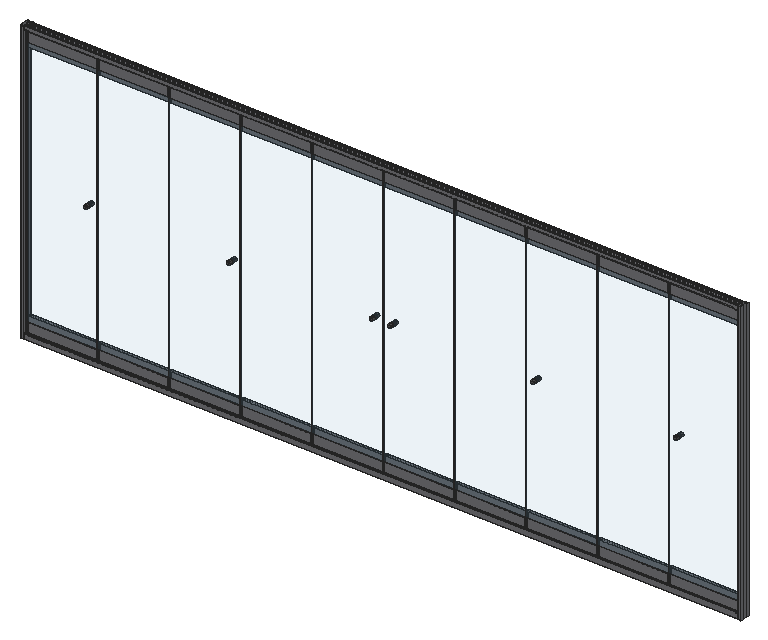
Revit family "QFL10 2380", category Doors, host Wall, Revit 2024 (continued)
Automatic sketch dimensions
  Extrusion 1 sketch curve to Extrusion 1 sketch curve = 3 mm
  Extrusion 1 sketch curve to Extrusion 1 sketch curve = 0.4 mm  (x7)
  Extrusion 1 sketch curve to Extrusion 1 sketch curve = 1.4 mm  (x3)
  Extrusion 1 sketch curve to Extrusion 1 sketch curve = 19.4 mm
  Extrusion 1 sketch curve to host wall = 3.3 mm
  Extrusion 1 sketch curve to Extrusion 1 sketch curve = 0 mm  (x3)
  Extrusion 1 sketch curve to Extrusion 1 sketch curve = 1 mm  (x13)
  Extrusion 1 sketch curve to Extrusion 1 sketch curve = 0.8 mm  (x3)
  Extrusion 1 sketch curve to Extrusion 1 sketch curve = 1.3 mm  (x4)
  Extrusion 1 sketch curve to Extrusion 1 sketch curve = 21.9 mm
  Extrusion 1 sketch curve to Extrusion 1 sketch curve = 1.5 mm  (x13)
  Extrusion 1 sketch curve to Extrusion 1 sketch curve = 1.8 mm  (x6)
  Extrusion 1 sketch curve to Extrusion 1 sketch curve = 4 mm  (x2)
  Extrusion 1 sketch curve to Extrusion 1 sketch curve = 1.15 mm  (x5)
  Extrusion 1 sketch curve to Extrusion 1 sketch curve = 1.6 mm  (x10)
  Extrusion 1 sketch curve to Extrusion 1 sketch curve = 4.5 mm  (x3)
  host wall to Extrusion 1 sketch curve = 14.4 mm
  plane 4 "Right" to Extrusion 1 sketch curve = 45 mm
  Extrusion 1 sketch curve to Extrusion 1 sketch curve = 1.65 mm
  Extrusion 1 sketch curve to Extrusion 1 sketch curve = 30 mm
  Extrusion 1 sketch curve to host wall = 1.2 mm  (x2)
  plane 4 "Right" to Extrusion 1 sketch curve = 6.3 mm
  plane 4 "Right" to Extrusion 1 sketch curve = 2 mm  (x2)
  plane 4 "Right" to Extrusion 1 sketch curve = 1.5 mm  (x2)
  host wall to Extrusion 1 sketch curve = 22 mm  (x2)
  Extrusion 1 sketch curve to Extrusion 1 sketch curve = 2.5 mm  (x4)
  Extrusion 1 sketch curve to Extrusion 1 sketch curve = 9.2 mm  (x2)
  Extrusion 1 sketch curve to Extrusion 1 sketch curve = 20.6 mm
  Extrusion 1 sketch curve to Extrusion 1 sketch curve = 2 mm  (x4)
  host wall to Extrusion 1 sketch curve = 14.9 mm
  host wall to Extrusion 1 sketch curve = 6.5 mm  (x2)
  Extrusion 1 sketch curve to Extrusion 1 sketch curve = 0.6 mm  (x4)
  Extrusion 1 sketch curve to host wall = 22 mm  (x2)
  Extrusion 1 sketch curve to Extrusion 1 sketch curve = 4.6 mm  (x2)
  Extrusion 1 sketch curve to Extrusion 1 sketch curve = 1.1 mm
  Extrusion 2 sketch curve to Extrusion 2 sketch curve = 0 mm  (x12)
  Extrusion 2 sketch curve to level = 0 mm  (x4)
  plane 5 to Extrusion 2 sketch curve = 0 mm  (x3)
  Extrusion 2 sketch curve to host wall = 37.5 mm  (x2)
  plane 5 to Extrusion 2 sketch curve = 29 mm
  Extrusion 2 sketch curve to Extrusion 2 sketch curve = 0.95 mm
  Extrusion 2 sketch curve to Extrusion 2 sketch curve = 1 mm  (x12)
  Extrusion 2 sketch curve to Extrusion 2 sketch curve = 0.65 mm
  Extrusion 2 sketch curve to Extrusion 2 sketch curve = 0.35 mm  (x2)
  Extrusion 2 sketch curve to Extrusion 2 sketch curve = 1.05 mm
  Extrusion 2 sketch curve to Extrusion 2 sketch curve = 2 mm  (x9)
  Extrusion 2 sketch curve to Extrusion 2 sketch curve = 0.5 mm  (x13)
  Extrusion 2 sketch curve to Extrusion 2 sketch curve = 1.6 mm  (x9)
  Extrusion 2 sketch curve to Extrusion 2 sketch curve = 1.5 mm  (x8)
  Extrusion 2 sketch curve to Extrusion 2 sketch curve = 4.5 mm  (x3)
  Extrusion 2 sketch curve to Extrusion 2 sketch curve = 8.1 mm  (x2)
  Extrusion 2 sketch curve to Extrusion 2 sketch curve = 0.9 mm
  Extrusion 2 sketch curve to Extrusion 2 sketch curve = 0.6 mm
  Extrusion 2 sketch curve to Extrusion 2 sketch curve = 2.5 mm  (x3)
  level to Extrusion 2 sketch curve = 2 mm  (x3)
  Extrusion 2 sketch curve to host wall = 13.5 mm
  Extrusion 2 sketch curve to host wall = 9.95 mm
  Extrusion 2 sketch curve to host wall = 6.85 mm
  Extrusion 2 sketch curve to host wall = 0.674 mm
  Extrusion 2 sketch curve to host wall = 0.5 mm
  host wall to Extrusion 2 sketch curve = 1.5 mm
  Extrusion 2 sketch curve to Extrusion 2 sketch curve = 6 mm
  host wall to Extrusion 2 sketch curve = 10.5 mm  (x2)
  Extrusion 2 sketch curve to Extrusion 2 sketch curve = 0.002 mm
  Extrusion 2 sketch curve to Extrusion 2 sketch curve = 0.499 mm
  Extrusion 2 sketch curve to Extrusion 2 sketch curve = 0.998 mm
  Extrusion 2 sketch curve to Extrusion 2 sketch curve = 1.3 mm
  Extrusion 2 sketch curve to Extrusion 2 sketch curve = 0.717 mm
  Extrusion 2 sketch curve to Extrusion 2 sketch curve = 0.707 mm  (x4)
  Extrusion 2 sketch curve to Extrusion 2 sketch curve = 4.968 mm  (x2)
  plane 5 to Extrusion 2 sketch curve = 1.5 mm
  host wall to Extrusion 2 sketch curve = 22 mm
  Extrusion 2 sketch curve to Extrusion 2 sketch curve = 0.4 mm  (x2)
  Extrusion 2 sketch curve to Extrusion 2 sketch curve = 3.617 mm
  Extrusion 2 sketch curve to Extrusion 2 sketch curve = 1.4 mm
  Extrusion 2 sketch curve to Extrusion 2 sketch curve = 23 mm
  Extrusion 2 sketch curve to Extrusion 2 sketch curve = 20.6 mm
  Extrusion 2 sketch curve to Extrusion 2 sketch curve = 3.301 mm
  Extrusion 2 sketch curve to Extrusion 2 sketch curve = 2.2 mm  (x2)
  level to Extrusion 2 sketch curve = 8.4 mm
  Extrusion 2 sketch curve to Extrusion 2 sketch curve = 4.1 mm
  Extrusion 2 sketch curve to Extrusion 2 sketch curve = 0.629 mm
  Extrusion 2 sketch curve to Extrusion 2 sketch curve = 0.057 mm
  Extrusion 2 sketch curve to Extrusion 2 sketch curve = 2.504 mm
  Extrusion 2 sketch curve to Extrusion 2 sketch curve = 14 mm
  Extrusion 2 sketch curve to Extrusion 2 sketch curve = 1.65 mm
  Extrusion 2 sketch curve to Extrusion 2 sketch curve = 9 mm
  Extrusion 2 sketch curve to Extrusion 2 sketch curve = 1.151 mm
  Extrusion 2 sketch curve to Extrusion 2 sketch curve = 43.5 mm
  Extrusion 2 sketch curve to Extrusion 2 sketch curve = 1.15 mm  (x2)
  Extrusion 2 sketch curve to Extrusion 2 sketch curve = 4 mm
  Extrusion 2 sketch curve to Extrusion 2 sketch curve = 10.3 mm
  Extrusion 2 sketch curve to Extrusion 2 sketch curve = 5.8 mm
  plane 5 to Extrusion 2 sketch curve = 2 mm
  Extrusion 3 sketch curve to host wall = 33.496 mm  (x2)
  Extrusion 3 sketch curve to Extrusion 3 sketch curve = 1.79 mm  (x4)
  Extrusion 3 sketch curve to Extrusion 3 sketch curve = 0 mm
  Extrusion 3 sketch curve to Extrusion 3 sketch curve = 0.01 mm
  Extrusion 3 sketch curve to Extrusion 3 sketch curve = 1.8 mm  (x6)
  Extrusion 3 sketch curve to Extrusion 3 sketch curve = 0.51 mm  (x2)
  Extrusion 3 sketch curve to Extrusion 3 sketch curve = 3.11 mm  (x2)
  Extrusion 3 sketch curve to Extrusion 3 sketch curve = 8.21 mm  (x2)
  Extrusion 3 sketch curve to Extrusion 3 sketch curve = 1.028 mm  (x2)
  host wall to Extrusion 3 sketch curve = 0.504 mm  (x2)
  host wall to Extrusion 3 sketch curve = 2.504 mm  (x2)
  host wall to Extrusion 3 sketch curve = 5.604 mm  (x2)
  host wall to Extrusion 3 sketch curve = 8.2 mm  (x2)
  Extrusion 3 sketch curve to Extrusion 3 sketch curve = 3.1 mm  (x2)
  Extrusion 3 sketch curve to Extrusion 3 sketch curve = 0.514 mm
  Extrusion 3 sketch curve to Extrusion 3 sketch curve = 6.21 mm
  Extrusion 3 sketch curve to Extrusion 3 sketch curve = 0.05 mm
  Extrusion 3 sketch curve to Extrusion 3 sketch curve = 0.554 mm
  level to Extrusion 3 sketch curve = 31 mm  (x2)
  Extrusion 3 sketch curve to Extrusion 3 sketch curve = 2 mm  (x6)
  Extrusion 3 sketch curve to Extrusion 3 sketch curve = 1.6 mm  (x4)
  Extrusion 3 sketch curve to Extrusion 3 sketch curve = 12.367 mm  (x2)
  Extrusion 3 sketch curve to Extrusion 3 sketch curve = 12.517 mm  (x2)
  Extrusion 3 sketch curve to Extrusion 3 sketch curve = 1.048 mm  (x2)
  Extrusion 3 sketch curve to Extrusion 3 sketch curve = 0.963 mm  (x2)
  Extrusion 3 sketch curve to Extrusion 3 sketch curve = 2.92 mm  (x2)
  Extrusion 3 sketch curve to Extrusion 3 sketch curve = 66.2 mm
  Extrusion 3 sketch curve to Extrusion 3 sketch curve = 33.962 mm
  Extrusion 3 sketch curve to Extrusion 3 sketch curve = 1.038 mm  (x2)
  Extrusion 3 sketch curve to Extrusion 3 sketch curve = 9.238 mm
  plane 5 to Extrusion 3 sketch curve = 174 mm
  Extrusion 3 sketch curve to Extrusion 3 sketch curve = 8.2 mm
  Extrusion 3 sketch curve to Extrusion 3 sketch curve = 43.2 mm
  plane 5 to Extrusion 3 sketch curve = 60.8 mm
  Extrusion 3 sketch curve to Extrusion 3 sketch curve = 2.985 mm
  Extrusion 4 sketch curve to host wall = 33.496 mm  (x2)
  Extrusion 4 sketch curve to Extrusion 4 sketch curve = 4.9 mm  (x3)
  Extrusion 4 sketch curve to Extrusion 4 sketch curve = 10 mm  (x4)
  host wall to Extrusion 4 sketch curve = 2.504 mm  (x2)
  host wall to Extrusion 4 sketch curve = 5.604 mm  (x2)
  Extrusion 4 sketch curve to Extrusion 4 sketch curve = 8 mm
  plane 5 to Extrusion 4 sketch curve = 39 mm
  Extrusion 4 sketch curve to Extrusion 4 sketch curve = 0 mm
  Extrusion 4 sketch curve to Extrusion 4 sketch curve = 20 mm  (x3)
  Extrusion 4 sketch curve to Extrusion 4 sketch curve = 70 mm
  Extrusion 4 sketch curve to Extrusion 4 sketch curve = 35 mm
  level to Extrusion 4 sketch curve = 166 mm
  Extrusion 4 sketch curve to Extrusion 4 sketch curve = 45 mm
  level to Extrusion 4 sketch curve = 51 mm
  Extrusion 5 sketch curve to host wall = 33.496 mm  (x2)
  Extrusion 5 sketch curve to Extrusion 5 sketch curve = 4.9 mm  (x3)
  Extrusion 5 sketch curve to Extrusion 5 sketch curve = 10 mm  (x4)
  host wall to Extrusion 5 sketch curve = 2.504 mm  (x2)
  host wall to Extrusion 5 sketch curve = 5.604 mm  (x2)
  Extrusion 5 sketch curve to Extrusion 5 sketch curve = 8 mm
  level to Extrusion 5 sketch curve = 31 mm  (x2)
  Extrusion 5 sketch curve to Extrusion 5 sketch curve = 20 mm  (x3)
  Extrusion 5 sketch curve to Extrusion 5 sketch curve = 70 mm
  Extrusion 5 sketch curve to Extrusion 5 sketch curve = 35 mm
  plane 5 to Extrusion 5 sketch curve = 174 mm
  Extrusion 5 sketch curve to Extrusion 5 sketch curve = 45 mm
  plane 5 to Extrusion 5 sketch curve = 59 mm
  Extrusion 6 sketch curve to host wall = 33.496 mm  (x2)
  Extrusion 6 sketch curve to Extrusion 6 sketch curve = 1.79 mm  (x4)
  Extrusion 6 sketch curve to Extrusion 6 sketch curve = 0 mm
  Extrusion 6 sketch curve to Extrusion 6 sketch curve = 0.01 mm
  Extrusion 6 sketch curve to Extrusion 6 sketch curve = 1.8 mm  (x6)
  Extrusion 6 sketch curve to Extrusion 6 sketch curve = 0.51 mm  (x2)
  Extrusion 6 sketch curve to Extrusion 6 sketch curve = 3.11 mm  (x2)
  Extrusion 6 sketch curve to Extrusion 6 sketch curve = 8.21 mm  (x2)
  Extrusion 6 sketch curve to Extrusion 6 sketch curve = 1.028 mm  (x2)
  host wall to Extrusion 6 sketch curve = 0.504 mm  (x2)
  host wall to Extrusion 6 sketch curve = 2.504 mm  (x2)
  host wall to Extrusion 6 sketch curve = 5.604 mm  (x2)
  host wall to Extrusion 6 sketch curve = 8.2 mm  (x2)
  Extrusion 6 sketch curve to Extrusion 6 sketch curve = 3.1 mm  (x2)
  Extrusion 6 sketch curve to Extrusion 6 sketch curve = 0.514 mm
  Extrusion 6 sketch curve to Extrusion 6 sketch curve = 6.21 mm
  Extrusion 6 sketch curve to Extrusion 6 sketch curve = 0.05 mm
  Extrusion 6 sketch curve to Extrusion 6 sketch curve = 0.554 mm
  level to Extrusion 6 sketch curve = 31 mm  (x2)
  Extrusion 6 sketch curve to Extrusion 6 sketch curve = 2 mm  (x6)
  Extrusion 6 sketch curve to Extrusion 6 sketch curve = 1.6 mm  (x4)
  Extrusion 6 sketch curve to Extrusion 6 sketch curve = 12.367 mm  (x2)
  Extrusion 6 sketch curve to Extrusion 6 sketch curve = 12.517 mm  (x2)
  Extrusion 6 sketch curve to Extrusion 6 sketch curve = 1.048 mm  (x2)
  Extrusion 6 sketch curve to Extrusion 6 sketch curve = 0.963 mm  (x2)
  Extrusion 6 sketch curve to Extrusion 6 sketch curve = 2.92 mm  (x2)
  Extrusion 6 sketch curve to Extrusion 6 sketch curve = 66.2 mm
  Extrusion 6 sketch curve to Extrusion 6 sketch curve = 33.962 mm
  Extrusion 6 sketch curve to Extrusion 6 sketch curve = 1.038 mm  (x2)
  Extrusion 6 sketch curve to Extrusion 6 sketch curve = 9.238 mm
  plane 5 to Extrusion 6 sketch curve = 174 mm
  Extrusion 6 sketch curve to Extrusion 6 sketch curve = 8.2 mm
  Extrusion 6 sketch curve to Extrusion 6 sketch curve = 43.2 mm
  plane 5 to Extrusion 6 sketch curve = 60.8 mm
  Extrusion 6 sketch curve to Extrusion 6 sketch curve = 2.985 mm
  Extrusion 7 sketch curve to host wall = 33.496 mm  (x2)
  Extrusion 7 sketch curve to Extrusion 7 sketch curve = 4.9 mm  (x3)
  Extrusion 7 sketch curve to Extrusion 7 sketch curve = 10 mm  (x4)
  host wall to Extrusion 7 sketch curve = 2.504 mm  (x2)
  host wall to Extrusion 7 sketch curve = 5.604 mm  (x2)
  Extrusion 7 sketch curve to Extrusion 7 sketch curve = 8 mm
  plane 5 to Extrusion 7 sketch curve = 39 mm
  Extrusion 7 sketch curve to Extrusion 7 sketch curve = 0 mm
  Extrusion 7 sketch curve to Extrusion 7 sketch curve = 20 mm  (x3)
  Extrusion 7 sketch curve to Extrusion 7 sketch curve = 70 mm
  Extrusion 7 sketch curve to Extrusion 7 sketch curve = 35 mm
  level to Extrusion 7 sketch curve = 166 mm
  Extrusion 7 sketch curve to Extrusion 7 sketch curve = 45 mm
  level to Extrusion 7 sketch curve = 51 mm
  Extrusion 8 sketch curve to host wall = 33.496 mm  (x2)
  Extrusion 8 sketch curve to Extrusion 8 sketch curve = 4.9 mm  (x3)
  Extrusion 8 sketch curve to Extrusion 8 sketch curve = 10 mm  (x4)
  host wall to Extrusion 8 sketch curve = 2.504 mm  (x2)
  host wall to Extrusion 8 sketch curve = 5.604 mm  (x2)
  Extrusion 8 sketch curve to Extrusion 8 sketch curve = 8 mm
  level to Extrusion 8 sketch curve = 31 mm  (x2)
  Extrusion 8 sketch curve to Extrusion 8 sketch curve = 20 mm  (x3)
  Extrusion 8 sketch curve to Extrusion 8 sketch curve = 70 mm
  Extrusion 8 sketch curve to Extrusion 8 sketch curve = 35 mm
  plane 5 to Extrusion 8 sketch curve = 174 mm
  Extrusion 8 sketch curve to Extrusion 8 sketch curve = 45 mm
  plane 5 to Extrusion 8 sketch curve = 59 mm
  Extrusion 9 sketch curve to host wall = 33.496 mm  (x2)
  Extrusion 9 sketch curve to Extrusion 9 sketch curve = 1.79 mm  (x4)
  Extrusion 9 sketch curve to Extrusion 9 sketch curve = 0 mm
  Extrusion 9 sketch curve to Extrusion 9 sketch curve = 0.01 mm
  Extrusion 9 sketch curve to Extrusion 9 sketch curve = 1.8 mm  (x6)
  Extrusion 9 sketch curve to Extrusion 9 sketch curve = 0.51 mm  (x2)
  Extrusion 9 sketch curve to Extrusion 9 sketch curve = 3.11 mm  (x2)
  Extrusion 9 sketch curve to Extrusion 9 sketch curve = 8.21 mm  (x2)
  Extrusion 9 sketch curve to Extrusion 9 sketch curve = 1.028 mm  (x2)
  host wall to Extrusion 9 sketch curve = 0.504 mm  (x2)
  host wall to Extrusion 9 sketch curve = 2.504 mm  (x2)
  host wall to Extrusion 9 sketch curve = 5.604 mm  (x2)
  host wall to Extrusion 9 sketch curve = 8.2 mm  (x2)
  Extrusion 9 sketch curve to Extrusion 9 sketch curve = 3.1 mm  (x2)
  Extrusion 9 sketch curve to Extrusion 9 sketch curve = 0.514 mm
  Extrusion 9 sketch curve to Extrusion 9 sketch curve = 6.21 mm
  Extrusion 9 sketch curve to Extrusion 9 sketch curve = 0.05 mm
  Extrusion 9 sketch curve to Extrusion 9 sketch curve = 0.554 mm
  level to Extrusion 9 sketch curve = 31 mm  (x2)
  Extrusion 9 sketch curve to Extrusion 9 sketch curve = 2 mm  (x6)
  Extrusion 9 sketch curve to Extrusion 9 sketch curve = 1.6 mm  (x4)
  Extrusion 9 sketch curve to Extrusion 9 sketch curve = 12.367 mm  (x2)
  Extrusion 9 sketch curve to Extrusion 9 sketch curve = 12.517 mm  (x2)
  Extrusion 9 sketch curve to Extrusion 9 sketch curve = 1.048 mm  (x2)
  Extrusion 9 sketch curve to Extrusion 9 sketch curve = 0.963 mm  (x2)
  Extrusion 9 sketch curve to Extrusion 9 sketch curve = 2.92 mm  (x2)
  Extrusion 9 sketch curve to Extrusion 9 sketch curve = 66.2 mm
  Extrusion 9 sketch curve to Extrusion 9 sketch curve = 33.962 mm
  Extrusion 9 sketch curve to Extrusion 9 sketch curve = 1.038 mm  (x2)
  Extrusion 9 sketch curve to Extrusion 9 sketch curve = 9.238 mm
  plane 5 to Extrusion 9 sketch curve = 174 mm
  Extrusion 9 sketch curve to Extrusion 9 sketch curve = 8.2 mm
  Extrusion 9 sketch curve to Extrusion 9 sketch curve = 43.2 mm
  plane 5 to Extrusion 9 sketch curve = 60.8 mm
  Extrusion 9 sketch curve to Extrusion 9 sketch curve = 2.985 mm
  Extrusion 10 sketch curve to host wall = 33.496 mm  (x2)
  Extrusion 10 sketch curve to Extrusion 10 sketch curve = 4.9 mm  (x3)
  Extrusion 10 sketch curve to Extrusion 10 sketch curve = 10 mm  (x4)
  host wall to Extrusion 10 sketch curve = 2.504 mm  (x2)
  host wall to Extrusion 10 sketch curve = 5.604 mm  (x2)
  Extrusion 10 sketch curve to Extrusion 10 sketch curve = 8 mm
  plane 5 to Extrusion 10 sketch curve = 39 mm
  Extrusion 10 sketch curve to Extrusion 10 sketch curve = 0 mm
  Extrusion 10 sketch curve to Extrusion 10 sketch curve = 20 mm  (x3)
  Extrusion 10 sketch curve to Extrusion 10 sketch curve = 70 mm
  Extrusion 10 sketch curve to Extrusion 10 sketch curve = 35 mm
  level to Extrusion 10 sketch curve = 166 mm
  Extrusion 10 sketch curve to Extrusion 10 sketch curve = 45 mm
  level to Extrusion 10 sketch curve = 51 mm
  Extrusion 11 sketch curve to host wall = 33.496 mm  (x2)
  Extrusion 11 sketch curve to Extrusion 11 sketch curve = 4.9 mm  (x3)
  Extrusion 11 sketch curve to Extrusion 11 sketch curve = 10 mm  (x4)
  host wall to Extrusion 11 sketch curve = 2.504 mm  (x2)
  host wall to Extrusion 11 sketch curve = 5.604 mm  (x2)
  Extrusion 11 sketch curve to Extrusion 11 sketch curve = 8 mm
  level to Extrusion 11 sketch curve = 31 mm  (x2)
  Extrusion 11 sketch curve to Extrusion 11 sketch curve = 20 mm  (x3)
  Extrusion 11 sketch curve to Extrusion 11 sketch curve = 70 mm
  Extrusion 11 sketch curve to Extrusion 11 sketch curve = 35 mm
  plane 5 to Extrusion 11 sketch curve = 174 mm
  Extrusion 11 sketch curve to Extrusion 11 sketch curve = 45 mm
  plane 5 to Extrusion 11 sketch curve = 59 mm
  Extrusion 12 sketch curve to host wall = 33.496 mm  (x2)
  Extrusion 12 sketch curve to Extrusion 12 sketch curve = 1.79 mm  (x4)
  Extrusion 12 sketch curve to Extrusion 12 sketch curve = 0 mm
  Extrusion 12 sketch curve to Extrusion 12 sketch curve = 0.01 mm
  Extrusion 12 sketch curve to Extrusion 12 sketch curve = 1.8 mm  (x6)
  Extrusion 12 sketch curve to Extrusion 12 sketch curve = 0.51 mm  (x2)
  Extrusion 12 sketch curve to Extrusion 12 sketch curve = 3.11 mm  (x2)
  Extrusion 12 sketch curve to Extrusion 12 sketch curve = 8.21 mm  (x2)
  Extrusion 12 sketch curve to Extrusion 12 sketch curve = 1.028 mm  (x2)
  host wall to Extrusion 12 sketch curve = 0.504 mm  (x2)
  host wall to Extrusion 12 sketch curve = 2.504 mm  (x2)
  host wall to Extrusion 12 sketch curve = 5.604 mm  (x2)
  host wall to Extrusion 12 sketch curve = 8.2 mm  (x2)
  Extrusion 12 sketch curve to Extrusion 12 sketch curve = 3.1 mm  (x2)
  Extrusion 12 sketch curve to Extrusion 12 sketch curve = 0.514 mm
  Extrusion 12 sketch curve to Extrusion 12 sketch curve = 6.21 mm
  Extrusion 12 sketch curve to Extrusion 12 sketch curve = 0.05 mm
  Extrusion 12 sketch curve to Extrusion 12 sketch curve = 0.554 mm
  level to Extrusion 12 sketch curve = 31 mm  (x2)
  Extrusion 12 sketch curve to Extrusion 12 sketch curve = 2 mm  (x6)
  Extrusion 12 sketch curve to Extrusion 12 sketch curve = 1.6 mm  (x4)
  Extrusion 12 sketch curve to Extrusion 12 sketch curve = 12.367 mm  (x2)
  Extrusion 12 sketch curve to Extrusion 12 sketch curve = 12.517 mm  (x2)
  Extrusion 12 sketch curve to Extrusion 12 sketch curve = 1.048 mm  (x2)
  Extrusion 12 sketch curve to Extrusion 12 sketch curve = 0.963 mm  (x2)
  Extrusion 12 sketch curve to Extrusion 12 sketch curve = 2.92 mm  (x2)
  Extrusion 12 sketch curve to Extrusion 12 sketch curve = 66.2 mm
  Extrusion 12 sketch curve to Extrusion 12 sketch curve = 33.962 mm
  Extrusion 12 sketch curve to Extrusion 12 sketch curve = 1.038 mm  (x2)
  Extrusion 12 sketch curve to Extrusion 12 sketch curve = 9.238 mm
  plane 5 to Extrusion 12 sketch curve = 174 mm
  Extrusion 12 sketch curve to Extrusion 12 sketch curve = 8.2 mm
  Extrusion 12 sketch curve to Extrusion 12 sketch curve = 43.2 mm
  plane 5 to Extrusion 12 sketch curve = 60.8 mm
  Extrusion 12 sketch curve to Extrusion 12 sketch curve = 2.985 mm
  Extrusion 13 sketch curve to host wall = 33.496 mm  (x2)
  Extrusion 13 sketch curve to Extrusion 13 sketch curve = 4.9 mm  (x3)
  Extrusion 13 sketch curve to Extrusion 13 sketch curve = 10 mm  (x4)
  host wall to Extrusion 13 sketch curve = 2.504 mm  (x2)
  host wall to Extrusion 13 sketch curve = 5.604 mm  (x2)
  Extrusion 13 sketch curve to Extrusion 13 sketch curve = 8 mm
  plane 5 to Extrusion 13 sketch curve = 39 mm
  Extrusion 13 sketch curve to Extrusion 13 sketch curve = 0 mm
  Extrusion 13 sketch curve to Extrusion 13 sketch curve = 20 mm  (x3)
  Extrusion 13 sketch curve to Extrusion 13 sketch curve = 70 mm
  Extrusion 13 sketch curve to Extrusion 13 sketch curve = 35 mm
  level to Extrusion 13 sketch curve = 166 mm
  Extrusion 13 sketch curve to Extrusion 13 sketch curve = 45 mm
  level to Extrusion 13 sketch curve = 51 mm
  Extrusion 14 sketch curve to host wall = 33.496 mm  (x2)
  Extrusion 14 sketch curve to Extrusion 14 sketch curve = 4.9 mm  (x3)
  Extrusion 14 sketch curve to Extrusion 14 sketch curve = 10 mm  (x4)
  host wall to Extrusion 14 sketch curve = 2.504 mm  (x2)
  host wall to Extrusion 14 sketch curve = 5.604 mm  (x2)
  Extrusion 14 sketch curve to Extrusion 14 sketch curve = 8 mm
  level to Extrusion 14 sketch curve = 31 mm  (x2)
  Extrusion 14 sketch curve to Extrusion 14 sketch curve = 20 mm  (x3)
  Extrusion 14 sketch curve to Extrusion 14 sketch curve = 70 mm
  Extrusion 14 sketch curve to Extrusion 14 sketch curve = 35 mm
  plane 5 to Extrusion 14 sketch curve = 174 mm
  Extrusion 14 sketch curve to Extrusion 14 sketch curve = 45 mm
  plane 5 to Extrusion 14 sketch curve = 59 mm
  Extrusion 15 sketch curve to host wall = 33.496 mm  (x2)
  Extrusion 15 sketch curve to Extrusion 15 sketch curve = 1.79 mm  (x4)
  Extrusion 15 sketch curve to Extrusion 15 sketch curve = 0 mm
  Extrusion 15 sketch curve to Extrusion 15 sketch curve = 0.01 mm
  Extrusion 15 sketch curve to Extrusion 15 sketch curve = 1.8 mm  (x6)
  Extrusion 15 sketch curve to Extrusion 15 sketch curve = 0.51 mm  (x2)
  Extrusion 15 sketch curve to Extrusion 15 sketch curve = 3.11 mm  (x2)
  Extrusion 15 sketch curve to Extrusion 15 sketch curve = 8.21 mm  (x2)
  Extrusion 15 sketch curve to Extrusion 15 sketch curve = 1.028 mm  (x2)
  host wall to Extrusion 15 sketch curve = 0.504 mm  (x2)
  host wall to Extrusion 15 sketch curve = 2.504 mm  (x2)
  host wall to Extrusion 15 sketch curve = 5.604 mm  (x2)
  host wall to Extrusion 15 sketch curve = 8.2 mm  (x2)
  Extrusion 15 sketch curve to Extrusion 15 sketch curve = 3.1 mm  (x2)
  Extrusion 15 sketch curve to Extrusion 15 sketch curve = 0.514 mm
  Extrusion 15 sketch curve to Extrusion 15 sketch curve = 6.21 mm
  Extrusion 15 sketch curve to Extrusion 15 sketch curve = 0.05 mm
  Extrusion 15 sketch curve to Extrusion 15 sketch curve = 0.554 mm
  plane 5 to Extrusion 15 sketch curve = 39 mm  (x2)
  Extrusion 15 sketch curve to Extrusion 15 sketch curve = 2 mm  (x6)
  Extrusion 15 sketch curve to Extrusion 15 sketch curve = 1.6 mm  (x4)
  Extrusion 15 sketch curve to Extrusion 15 sketch curve = 12.367 mm  (x2)
  Extrusion 15 sketch curve to Extrusion 15 sketch curve = 12.517 mm  (x2)
  Extrusion 15 sketch curve to Extrusion 15 sketch curve = 1.048 mm  (x2)
  Extrusion 15 sketch curve to Extrusion 15 sketch curve = 0.963 mm  (x2)
  Extrusion 15 sketch curve to Extrusion 15 sketch curve = 2.985 mm  (x2)
  Extrusion 15 sketch curve to Extrusion 15 sketch curve = 66.2 mm
  Extrusion 15 sketch curve to Extrusion 15 sketch curve = 33.962 mm
  Extrusion 15 sketch curve to Extrusion 15 sketch curve = 1.038 mm  (x2)
  Extrusion 15 sketch curve to Extrusion 15 sketch curve = 9.238 mm
  level to Extrusion 15 sketch curve = 166 mm
  Extrusion 15 sketch curve to Extrusion 15 sketch curve = 8.2 mm
  Extrusion 15 sketch curve to Extrusion 15 sketch curve = 43.2 mm
  level to Extrusion 15 sketch curve = 52.8 mm
  Extrusion 15 sketch curve to Extrusion 15 sketch curve = 2.92 mm
  Extrusion 16 sketch curve to host wall = 33.496 mm  (x2)
  Extrusion 16 sketch curve to Extrusion 16 sketch curve = 4.9 mm  (x3)
  Extrusion 16 sketch curve to Extrusion 16 sketch curve = 10 mm  (x4)
  host wall to Extrusion 16 sketch curve = 2.504 mm  (x2)
  host wall to Extrusion 16 sketch curve = 5.604 mm  (x2)
  Extrusion 16 sketch curve to Extrusion 16 sketch curve = 8 mm
  level to Extrusion 16 sketch curve = 31 mm  (x2)
  Extrusion 16 sketch curve to Extrusion 16 sketch curve = 20 mm  (x3)
  Extrusion 16 sketch curve to Extrusion 16 sketch curve = 70 mm
  Extrusion 16 sketch curve to Extrusion 16 sketch curve = 35 mm
  plane 5 to Extrusion 16 sketch curve = 174 mm
  Extrusion 16 sketch curve to Extrusion 16 sketch curve = 45 mm
  plane 5 to Extrusion 16 sketch curve = 59 mm
  Extrusion 17 sketch curve to host wall = 33.496 mm  (x2)
  Extrusion 17 sketch curve to Extrusion 17 sketch curve = 4.9 mm  (x3)
  Extrusion 17 sketch curve to Extrusion 17 sketch curve = 10 mm  (x4)
  host wall to Extrusion 17 sketch curve = 2.504 mm  (x2)
  host wall to Extrusion 17 sketch curve = 5.604 mm  (x2)
  Extrusion 17 sketch curve to Extrusion 17 sketch curve = 8 mm
  plane 5 to Extrusion 17 sketch curve = 39 mm
  Extrusion 17 sketch curve to Extrusion 17 sketch curve = 0 mm
  Extrusion 17 sketch curve to Extrusion 17 sketch curve = 20 mm  (x3)
  Extrusion 17 sketch curve to Extrusion 17 sketch curve = 70 mm
  Extrusion 17 sketch curve to Extrusion 17 sketch curve = 35 mm
  level to Extrusion 17 sketch curve = 166 mm
  Extrusion 17 sketch curve to Extrusion 17 sketch curve = 45 mm
  level to Extrusion 17 sketch curve = 51 mm
  Extrusion 18 sketch curve to host wall = 33.496 mm  (x2)
  Extrusion 18 sketch curve to Extrusion 18 sketch curve = 1.79 mm  (x4)
  Extrusion 18 sketch curve to Extrusion 18 sketch curve = 0 mm
  Extrusion 18 sketch curve to Extrusion 18 sketch curve = 0.01 mm
  Extrusion 18 sketch curve to Extrusion 18 sketch curve = 1.8 mm  (x6)
  Extrusion 18 sketch curve to Extrusion 18 sketch curve = 0.51 mm  (x2)
  Extrusion 18 sketch curve to Extrusion 18 sketch curve = 3.11 mm  (x2)
  Extrusion 18 sketch curve to Extrusion 18 sketch curve = 8.21 mm  (x2)
  Extrusion 18 sketch curve to Extrusion 18 sketch curve = 1.028 mm  (x2)
  host wall to Extrusion 18 sketch curve = 0.504 mm  (x2)
  host wall to Extrusion 18 sketch curve = 2.504 mm  (x2)
  host wall to Extrusion 18 sketch curve = 5.604 mm  (x2)
  host wall to Extrusion 18 sketch curve = 8.2 mm  (x2)
  Extrusion 18 sketch curve to Extrusion 18 sketch curve = 3.1 mm  (x2)
  Extrusion 18 sketch curve to Extrusion 18 sketch curve = 0.514 mm
  Extrusion 18 sketch curve to Extrusion 18 sketch curve = 6.21 mm
  Extrusion 18 sketch curve to Extrusion 18 sketch curve = 0.05 mm
  Extrusion 18 sketch curve to Extrusion 18 sketch curve = 0.554 mm
  plane 5 to Extrusion 18 sketch curve = 39 mm  (x2)
  Extrusion 18 sketch curve to Extrusion 18 sketch curve = 2 mm  (x6)
  Extrusion 18 sketch curve to Extrusion 18 sketch curve = 1.6 mm  (x4)
  Extrusion 18 sketch curve to Extrusion 18 sketch curve = 12.367 mm  (x2)
  Extrusion 18 sketch curve to Extrusion 18 sketch curve = 12.517 mm  (x2)
  Extrusion 18 sketch curve to Extrusion 18 sketch curve = 1.048 mm  (x2)
  Extrusion 18 sketch curve to Extrusion 18 sketch curve = 0.963 mm  (x2)
  Extrusion 18 sketch curve to Extrusion 18 sketch curve = 2.985 mm  (x2)
  Extrusion 18 sketch curve to Extrusion 18 sketch curve = 66.2 mm
  Extrusion 18 sketch curve to Extrusion 18 sketch curve = 33.962 mm
  Extrusion 18 sketch curve to Extrusion 18 sketch curve = 1.038 mm  (x2)
  Extrusion 18 sketch curve to Extrusion 18 sketch curve = 9.238 mm
  level to Extrusion 18 sketch curve = 166 mm
  Extrusion 18 sketch curve to Extrusion 18 sketch curve = 8.2 mm
  Extrusion 18 sketch curve to Extrusion 18 sketch curve = 43.2 mm
  level to Extrusion 18 sketch curve = 52.8 mm
  Extrusion 18 sketch curve to Extrusion 18 sketch curve = 2.92 mm
  Extrusion 19 sketch curve to host wall = 33.496 mm  (x2)
  Extrusion 19 sketch curve to Extrusion 19 sketch curve = 4.9 mm  (x3)
  Extrusion 19 sketch curve to Extrusion 19 sketch curve = 10 mm  (x4)
  host wall to Extrusion 19 sketch curve = 2.504 mm  (x2)
  host wall to Extrusion 19 sketch curve = 5.604 mm  (x2)
  Extrusion 19 sketch curve to Extrusion 19 sketch curve = 8 mm
  level to Extrusion 19 sketch curve = 31 mm  (x2)
  Extrusion 19 sketch curve to Extrusion 19 sketch curve = 20 mm  (x3)
  Extrusion 19 sketch curve to Extrusion 19 sketch curve = 70 mm
  Extrusion 19 sketch curve to Extrusion 19 sketch curve = 35 mm
  plane 5 to Extrusion 19 sketch curve = 174 mm
  Extrusion 19 sketch curve to Extrusion 19 sketch curve = 45 mm
  plane 5 to Extrusion 19 sketch curve = 59 mm
  Extrusion 20 sketch curve to host wall = 33.496 mm  (x2)
  Extrusion 20 sketch curve to Extrusion 20 sketch curve = 4.9 mm  (x3)
  Extrusion 20 sketch curve to Extrusion 20 sketch curve = 10 mm  (x4)
  host wall to Extrusion 20 sketch curve = 2.504 mm  (x2)
  host wall to Extrusion 20 sketch curve = 5.604 mm  (x2)
  Extrusion 20 sketch curve to Extrusion 20 sketch curve = 8 mm
  plane 5 to Extrusion 20 sketch curve = 39 mm
  Extrusion 20 sketch curve to Extrusion 20 sketch curve = 0 mm
  Extrusion 20 sketch curve to Extrusion 20 sketch curve = 20 mm  (x3)
  Extrusion 20 sketch curve to Extrusion 20 sketch curve = 70 mm
  Extrusion 20 sketch curve to Extrusion 20 sketch curve = 35 mm
  level to Extrusion 20 sketch curve = 166 mm
  Extrusion 20 sketch curve to Extrusion 20 sketch curve = 45 mm
  level to Extrusion 20 sketch curve = 51 mm
  Extrusion 21 sketch curve to host wall = 33.496 mm  (x2)
  Extrusion 21 sketch curve to Extrusion 21 sketch curve = 1.79 mm  (x4)
  Extrusion 21 sketch curve to Extrusion 21 sketch curve = 0 mm
  Extrusion 21 sketch curve to Extrusion 21 sketch curve = 0.01 mm
  Extrusion 21 sketch curve to Extrusion 21 sketch curve = 1.8 mm  (x6)
  Extrusion 21 sketch curve to Extrusion 21 sketch curve = 0.51 mm  (x2)
  Extrusion 21 sketch curve to Extrusion 21 sketch curve = 3.11 mm  (x2)
  Extrusion 21 sketch curve to Extrusion 21 sketch curve = 8.21 mm  (x2)
  Extrusion 21 sketch curve to Extrusion 21 sketch curve = 1.028 mm  (x2)
  host wall to Extrusion 21 sketch curve = 0.504 mm  (x2)
  host wall to Extrusion 21 sketch curve = 2.504 mm  (x2)
  host wall to Extrusion 21 sketch curve = 5.604 mm  (x2)
  host wall to Extrusion 21 sketch curve = 8.2 mm  (x2)
  Extrusion 21 sketch curve to Extrusion 21 sketch curve = 3.1 mm  (x2)
  Extrusion 21 sketch curve to Extrusion 21 sketch curve = 0.514 mm
  Extrusion 21 sketch curve to Extrusion 21 sketch curve = 6.21 mm
  Extrusion 21 sketch curve to Extrusion 21 sketch curve = 0.05 mm
  Extrusion 21 sketch curve to Extrusion 21 sketch curve = 0.554 mm
  plane 5 to Extrusion 21 sketch curve = 39 mm  (x2)
  Extrusion 21 sketch curve to Extrusion 21 sketch curve = 2 mm  (x6)
  Extrusion 21 sketch curve to Extrusion 21 sketch curve = 1.6 mm  (x4)
  Extrusion 21 sketch curve to Extrusion 21 sketch curve = 12.367 mm  (x2)
  Extrusion 21 sketch curve to Extrusion 21 sketch curve = 12.517 mm  (x2)
  Extrusion 21 sketch curve to Extrusion 21 sketch curve = 1.048 mm  (x2)
  Extrusion 21 sketch curve to Extrusion 21 sketch curve = 0.963 mm  (x2)
  Extrusion 21 sketch curve to Extrusion 21 sketch curve = 2.985 mm  (x2)
  Extrusion 21 sketch curve to Extrusion 21 sketch curve = 66.2 mm
  Extrusion 21 sketch curve to Extrusion 21 sketch curve = 33.962 mm
  Extrusion 21 sketch curve to Extrusion 21 sketch curve = 1.038 mm  (x2)
  Extrusion 21 sketch curve to Extrusion 21 sketch curve = 9.238 mm
  level to Extrusion 21 sketch curve = 166 mm
  Extrusion 21 sketch curve to Extrusion 21 sketch curve = 8.2 mm
  Extrusion 21 sketch curve to Extrusion 21 sketch curve = 43.2 mm
  level to Extrusion 21 sketch curve = 52.8 mm
  Extrusion 21 sketch curve to Extrusion 21 sketch curve = 2.92 mm
  Extrusion 22 sketch curve to host wall = 33.496 mm  (x2)
  Extrusion 22 sketch curve to Extrusion 22 sketch curve = 4.9 mm  (x3)
  Extrusion 22 sketch curve to Extrusion 22 sketch curve = 10 mm  (x4)
  host wall to Extrusion 22 sketch curve = 2.504 mm  (x2)
  host wall to Extrusion 22 sketch curve = 5.604 mm  (x2)
  Extrusion 22 sketch curve to Extrusion 22 sketch curve = 8 mm
  level to Extrusion 22 sketch curve = 31 mm  (x2)
  Extrusion 22 sketch curve to Extrusion 22 sketch curve = 20 mm  (x3)
  Extrusion 22 sketch curve to Extrusion 22 sketch curve = 70 mm
  Extrusion 22 sketch curve to Extrusion 22 sketch curve = 35 mm
  plane 5 to Extrusion 22 sketch curve = 174 mm
  Extrusion 22 sketch curve to Extrusion 22 sketch curve = 45 mm
  plane 5 to Extrusion 22 sketch curve = 59 mm
  Extrusion 23 sketch curve to host wall = 33.496 mm  (x2)
  Extrusion 23 sketch curve to Extrusion 23 sketch curve = 4.9 mm  (x3)
  Extrusion 23 sketch curve to Extrusion 23 sketch curve = 10 mm  (x4)
  host wall to Extrusion 23 sketch curve = 2.504 mm  (x2)
  host wall to Extrusion 23 sketch curve = 5.604 mm  (x2)
  Extrusion 23 sketch curve to Extrusion 23 sketch curve = 8 mm
  plane 5 to Extrusion 23 sketch curve = 39 mm
  Extrusion 23 sketch curve to Extrusion 23 sketch curve = 0 mm
  Extrusion 23 sketch curve to Extrusion 23 sketch curve = 20 mm  (x3)
  Extrusion 23 sketch curve to Extrusion 23 sketch curve = 70 mm
  Extrusion 23 sketch curve to Extrusion 23 sketch curve = 35 mm
  level to Extrusion 23 sketch curve = 166 mm
  Extrusion 23 sketch curve to Extrusion 23 sketch curve = 45 mm
  level to Extrusion 23 sketch curve = 51 mm
  Extrusion 24 sketch curve to host wall = 33.496 mm  (x2)
  Extrusion 24 sketch curve to Extrusion 24 sketch curve = 1.79 mm  (x4)
  Extrusion 24 sketch curve to Extrusion 24 sketch curve = 0 mm
  Extrusion 24 sketch curve to Extrusion 24 sketch curve = 0.01 mm
  Extrusion 24 sketch curve to Extrusion 24 sketch curve = 1.8 mm  (x6)
  Extrusion 24 sketch curve to Extrusion 24 sketch curve = 0.51 mm  (x2)
  Extrusion 24 sketch curve to Extrusion 24 sketch curve = 3.11 mm  (x2)
  Extrusion 24 sketch curve to Extrusion 24 sketch curve = 8.21 mm  (x2)
  Extrusion 24 sketch curve to Extrusion 24 sketch curve = 1.028 mm  (x2)
  host wall to Extrusion 24 sketch curve = 0.504 mm  (x2)
  host wall to Extrusion 24 sketch curve = 2.504 mm  (x2)
  host wall to Extrusion 24 sketch curve = 5.604 mm  (x2)
  host wall to Extrusion 24 sketch curve = 8.2 mm  (x2)
  Extrusion 24 sketch curve to Extrusion 24 sketch curve = 3.1 mm  (x2)
  Extrusion 24 sketch curve to Extrusion 24 sketch curve = 0.514 mm
  Extrusion 24 sketch curve to Extrusion 24 sketch curve = 6.21 mm
  Extrusion 24 sketch curve to Extrusion 24 sketch curve = 0.05 mm
  Extrusion 24 sketch curve to Extrusion 24 sketch curve = 0.554 mm
  plane 5 to Extrusion 24 sketch curve = 39 mm  (x2)
  Extrusion 24 sketch curve to Extrusion 24 sketch curve = 2 mm  (x6)
  Extrusion 24 sketch curve to Extrusion 24 sketch curve = 1.6 mm  (x4)
  Extrusion 24 sketch curve to Extrusion 24 sketch curve = 12.367 mm  (x2)
  Extrusion 24 sketch curve to Extrusion 24 sketch curve = 12.517 mm  (x2)
  Extrusion 24 sketch curve to Extrusion 24 sketch curve = 1.048 mm  (x2)
  Extrusion 24 sketch curve to Extrusion 24 sketch curve = 0.963 mm  (x2)
  Extrusion 24 sketch curve to Extrusion 24 sketch curve = 2.985 mm  (x2)
  Extrusion 24 sketch curve to Extrusion 24 sketch curve = 66.2 mm
  Extrusion 24 sketch curve to Extrusion 24 sketch curve = 33.962 mm
  Extrusion 24 sketch curve to Extrusion 24 sketch curve = 1.038 mm  (x2)
  Extrusion 24 sketch curve to Extrusion 24 sketch curve = 9.238 mm
  level to Extrusion 24 sketch curve = 166 mm
  Extrusion 24 sketch curve to Extrusion 24 sketch curve = 8.2 mm
  Extrusion 24 sketch curve to Extrusion 24 sketch curve = 43.2 mm
  level to Extrusion 24 sketch curve = 52.8 mm
  Extrusion 24 sketch curve to Extrusion 24 sketch curve = 2.92 mm
  Extrusion 25 sketch curve to host wall = 33.496 mm  (x2)
  Extrusion 25 sketch curve to Extrusion 25 sketch curve = 4.9 mm  (x3)
  Extrusion 25 sketch curve to Extrusion 25 sketch curve = 10 mm  (x4)
  host wall to Extrusion 25 sketch curve = 2.504 mm  (x2)
  host wall to Extrusion 25 sketch curve = 5.604 mm  (x2)
  Extrusion 25 sketch curve to Extrusion 25 sketch curve = 8 mm
  level to Extrusion 25 sketch curve = 31 mm  (x2)
  Extrusion 25 sketch curve to Extrusion 25 sketch curve = 20 mm  (x3)
  Extrusion 25 sketch curve to Extrusion 25 sketch curve = 70 mm
  Extrusion 25 sketch curve to Extrusion 25 sketch curve = 35 mm
  plane 5 to Extrusion 25 sketch curve = 174 mm
  Extrusion 25 sketch curve to Extrusion 25 sketch curve = 45 mm
  plane 5 to Extrusion 25 sketch curve = 59 mm
  Extrusion 26 sketch curve to host wall = 33.496 mm  (x2)
  Extrusion 26 sketch curve to Extrusion 26 sketch curve = 4.9 mm  (x3)
  Extrusion 26 sketch curve to Extrusion 26 sketch curve = 10 mm  (x4)
  host wall to Extrusion 26 sketch curve = 2.504 mm  (x2)
  host wall to Extrusion 26 sketch curve = 5.604 mm  (x2)
  Extrusion 26 sketch curve to Extrusion 26 sketch curve = 8 mm
  plane 5 to Extrusion 26 sketch curve = 39 mm
  Extrusion 26 sketch curve to Extrusion 26 sketch curve = 0 mm
  Extrusion 26 sketch curve to Extrusion 26 sketch curve = 20 mm  (x3)
  Extrusion 26 sketch curve to Extrusion 26 sketch curve = 70 mm
  Extrusion 26 sketch curve to Extrusion 26 sketch curve = 35 mm
  level to Extrusion 26 sketch curve = 166 mm
  Extrusion 26 sketch curve to Extrusion 26 sketch curve = 45 mm
  level to Extrusion 26 sketch curve = 51 mm
  Extrusion 27 sketch curve to host wall = 33.496 mm  (x2)
  Extrusion 27 sketch curve to Extrusion 27 sketch curve = 1.79 mm  (x4)
  Extrusion 27 sketch curve to Extrusion 27 sketch curve = 0 mm
  Extrusion 27 sketch curve to Extrusion 27 sketch curve = 0.01 mm
  Extrusion 27 sketch curve to Extrusion 27 sketch curve = 1.8 mm  (x6)
  Extrusion 27 sketch curve to Extrusion 27 sketch curve = 0.51 mm  (x2)
  Extrusion 27 sketch curve to Extrusion 27 sketch curve = 3.11 mm  (x2)
  Extrusion 27 sketch curve to Extrusion 27 sketch curve = 8.21 mm  (x2)
  Extrusion 27 sketch curve to Extrusion 27 sketch curve = 1.028 mm  (x2)
  host wall to Extrusion 27 sketch curve = 0.504 mm  (x2)
  host wall to Extrusion 27 sketch curve = 2.504 mm  (x2)
  host wall to Extrusion 27 sketch curve = 5.604 mm  (x2)
  host wall to Extrusion 27 sketch curve = 8.2 mm  (x2)
  Extrusion 27 sketch curve to Extrusion 27 sketch curve = 3.1 mm  (x2)
  Extrusion 27 sketch curve to Extrusion 27 sketch curve = 0.514 mm
  Extrusion 27 sketch curve to Extrusion 27 sketch curve = 6.21 mm
  Extrusion 27 sketch curve to Extrusion 27 sketch curve = 0.05 mm
  Extrusion 27 sketch curve to Extrusion 27 sketch curve = 0.554 mm
  level to Extrusion 27 sketch curve = 31 mm  (x2)
  Extrusion 27 sketch curve to Extrusion 27 sketch curve = 2 mm  (x6)
  Extrusion 27 sketch curve to Extrusion 27 sketch curve = 1.6 mm  (x4)
  Extrusion 27 sketch curve to Extrusion 27 sketch curve = 12.367 mm  (x2)
  Extrusion 27 sketch curve to Extrusion 27 sketch curve = 12.517 mm  (x2)
  Extrusion 27 sketch curve to Extrusion 27 sketch curve = 1.048 mm  (x2)
  Extrusion 27 sketch curve to Extrusion 27 sketch curve = 0.963 mm  (x2)
  Extrusion 27 sketch curve to Extrusion 27 sketch curve = 2.92 mm  (x2)
  Extrusion 27 sketch curve to Extrusion 27 sketch curve = 66.2 mm
  Extrusion 27 sketch curve to Extrusion 27 sketch curve = 33.962 mm
  Extrusion 27 sketch curve to Extrusion 27 sketch curve = 1.038 mm  (x2)
  Extrusion 27 sketch curve to Extrusion 27 sketch curve = 9.238 mm
  plane 5 to Extrusion 27 sketch curve = 174 mm
  Extrusion 27 sketch curve to Extrusion 27 sketch curve = 8.2 mm
  Extrusion 27 sketch curve to Extrusion 27 sketch curve = 43.2 mm
  plane 5 to Extrusion 27 sketch curve = 60.8 mm
  Extrusion 27 sketch curve to Extrusion 27 sketch curve = 2.985 mm
  Extrusion 28 sketch curve to host wall = 33.496 mm  (x2)
  Extrusion 28 sketch curve to Extrusion 28 sketch curve = 4.9 mm  (x3)
  Extrusion 28 sketch curve to Extrusion 28 sketch curve = 10 mm  (x4)
  host wall to Extrusion 28 sketch curve = 2.504 mm  (x2)
  host wall to Extrusion 28 sketch curve = 5.604 mm  (x2)
  Extrusion 28 sketch curve to Extrusion 28 sketch curve = 8 mm
  plane 5 to Extrusion 28 sketch curve = 39 mm
  Extrusion 28 sketch curve to Extrusion 28 sketch curve = 0 mm
  Extrusion 28 sketch curve to Extrusion 28 sketch curve = 20 mm  (x3)
  Extrusion 28 sketch curve to Extrusion 28 sketch curve = 70 mm
  Extrusion 28 sketch curve to Extrusion 28 sketch curve = 35 mm
  level to Extrusion 28 sketch curve = 166 mm
  Extrusion 28 sketch curve to Extrusion 28 sketch curve = 45 mm
  level to Extrusion 28 sketch curve = 51 mm
  Extrusion 29 sketch curve to host wall = 33.496 mm  (x2)
  Extrusion 29 sketch curve to Extrusion 29 sketch curve = 4.9 mm  (x3)
  Extrusion 29 sketch curve to Extrusion 29 sketch curve = 10 mm  (x4)
  host wall to Extrusion 29 sketch curve = 2.504 mm  (x2)
  host wall to Extrusion 29 sketch curve = 5.604 mm  (x2)
  Extrusion 29 sketch curve to Extrusion 29 sketch curve = 8 mm
  level to Extrusion 29 sketch curve = 31 mm  (x2)
  Extrusion 29 sketch curve to Extrusion 29 sketch curve = 20 mm  (x3)
  Extrusion 29 sketch curve to Extrusion 29 sketch curve = 70 mm
  Extrusion 29 sketch curve to Extrusion 29 sketch curve = 35 mm
  plane 5 to Extrusion 29 sketch curve = 174 mm
  Extrusion 29 sketch curve to Extrusion 29 sketch curve = 45 mm
  plane 5 to Extrusion 29 sketch curve = 59 mm
  Extrusion 30 sketch curve to host wall = 33.496 mm  (x2)
  Extrusion 30 sketch curve to Extrusion 30 sketch curve = 1.79 mm  (x4)
  Extrusion 30 sketch curve to Extrusion 30 sketch curve = 0 mm
  Extrusion 30 sketch curve to Extrusion 30 sketch curve = 0.01 mm
  Extrusion 30 sketch curve to Extrusion 30 sketch curve = 1.8 mm  (x6)
  Extrusion 30 sketch curve to Extrusion 30 sketch curve = 0.51 mm  (x2)
  Extrusion 30 sketch curve to Extrusion 30 sketch curve = 3.11 mm  (x2)
  Extrusion 30 sketch curve to Extrusion 30 sketch curve = 8.21 mm  (x2)
  Extrusion 30 sketch curve to Extrusion 30 sketch curve = 1.028 mm  (x2)
  host wall to Extrusion 30 sketch curve = 0.504 mm  (x2)
  host wall to Extrusion 30 sketch curve = 2.504 mm  (x2)
  host wall to Extrusion 30 sketch curve = 5.604 mm  (x2)
  host wall to Extrusion 30 sketch curve = 8.2 mm  (x2)
  Extrusion 30 sketch curve to Extrusion 30 sketch curve = 3.1 mm  (x2)
  Extrusion 30 sketch curve to Extrusion 30 sketch curve = 0.514 mm
  Extrusion 30 sketch curve to Extrusion 30 sketch curve = 6.21 mm
  Extrusion 30 sketch curve to Extrusion 30 sketch curve = 0.05 mm
  Extrusion 30 sketch curve to Extrusion 30 sketch curve = 0.554 mm
  plane 5 to Extrusion 30 sketch curve = 39 mm  (x2)
  Extrusion 30 sketch curve to Extrusion 30 sketch curve = 2 mm  (x6)
  Extrusion 30 sketch curve to Extrusion 30 sketch curve = 1.6 mm  (x4)
  Extrusion 30 sketch curve to Extrusion 30 sketch curve = 12.367 mm  (x2)
  Extrusion 30 sketch curve to Extrusion 30 sketch curve = 12.517 mm  (x2)
  Extrusion 30 sketch curve to Extrusion 30 sketch curve = 1.048 mm  (x2)
  Extrusion 30 sketch curve to Extrusion 30 sketch curve = 0.963 mm  (x2)
  Extrusion 30 sketch curve to Extrusion 30 sketch curve = 2.985 mm  (x2)
  Extrusion 30 sketch curve to Extrusion 30 sketch curve = 66.2 mm
  Extrusion 30 sketch curve to Extrusion 30 sketch curve = 33.962 mm
  Extrusion 30 sketch curve to Extrusion 30 sketch curve = 1.038 mm  (x2)
  Extrusion 30 sketch curve to Extrusion 30 sketch curve = 9.238 mm
  level to Extrusion 30 sketch curve = 166 mm
  Extrusion 30 sketch curve to Extrusion 30 sketch curve = 8.2 mm
  Extrusion 30 sketch curve to Extrusion 30 sketch curve = 43.2 mm
  level to Extrusion 30 sketch curve = 52.8 mm
  Extrusion 30 sketch curve to Extrusion 30 sketch curve = 2.92 mm
  host wall to Extrusion 31 sketch curve = 2.504 mm
  Extrusion 31 sketch curve to Extrusion 31 sketch curve = 10 mm
  plane 5 to Extrusion 31 sketch curve = 129 mm
  level to Extrusion 31 sketch curve = 121 mm
  Extrusion 32 sketch curve to host wall = 33.496 mm  (x2)
  Extrusion 32 sketch curve to Extrusion 32 sketch curve = 4.9 mm  (x3)
  Extrusion 32 sketch curve to Extrusion 32 sketch curve = 10 mm  (x4)
  host wall to Extrusion 32 sketch curve = 2.504 mm  (x2)
  host wall to Extrusion 32 sketch curve = 5.604 mm  (x2)
  Extrusion 32 sketch curve to Extrusion 32 sketch curve = 8 mm
  level to Extrusion 32 sketch curve = 31 mm  (x2)
  Extrusion 32 sketch curve to Extrusion 32 sketch curve = 20 mm  (x3)
  Extrusion 32 sketch curve to Extrusion 32 sketch curve = 70 mm
  Extrusion 32 sketch curve to Extrusion 32 sketch curve = 35 mm
  plane 5 to Extrusion 32 sketch curve = 174 mm
  Extrusion 32 sketch curve to Extrusion 32 sketch curve = 45 mm
  plane 5 to Extrusion 32 sketch curve = 59 mm
  Extrusion 33 sketch curve to host wall = 33.496 mm  (x2)
  Extrusion 33 sketch curve to Extrusion 33 sketch curve = 4.9 mm  (x3)
  Extrusion 33 sketch curve to Extrusion 33 sketch curve = 10 mm  (x4)
  host wall to Extrusion 33 sketch curve = 2.504 mm  (x2)
  host wall to Extrusion 33 sketch curve = 5.604 mm  (x2)
  Extrusion 33 sketch curve to Extrusion 33 sketch curve = 8 mm
  plane 5 to Extrusion 33 sketch curve = 39 mm
  Extrusion 33 sketch curve to Extrusion 33 sketch curve = 0 mm
  Extrusion 33 sketch curve to Extrusion 33 sketch curve = 20 mm  (x3)
  Extrusion 33 sketch curve to Extrusion 33 sketch curve = 70 mm
  Extrusion 33 sketch curve to Extrusion 33 sketch curve = 35 mm
  level to Extrusion 33 sketch curve = 166 mm
  Extrusion 33 sketch curve to Extrusion 33 sketch curve = 45 mm
  level to Extrusion 33 sketch curve = 51 mm
  host wall to Revolve 34 sketch curve = 2.504 mm
  Revolve 34 sketch curve to host wall = 0.496 mm
  Revolve 34 sketch curve to host wall = 5.496 mm
  Revolve 34 sketch curve to Revolve 34 sketch curve = 5 mm
  Revolve 34 sketch curve to Revolve 34 sketch curve = 16 mm
  Revolve 34 sketch curve to Revolve 34 sketch curve = 1 mm  (x2)
  level to Revolve 34 sketch curve = 1191.5 mm
  Revolve 34 sketch curve to Revolve 34 sketch curve = 10 mm
  Revolve 34 sketch curve to Revolve 34 sketch curve = 14 mm
  Revolve 34 sketch curve to Revolve 34 sketch curve = 0 mm  (x3)
  host wall to Revolve 35 sketch curve = 2.504 mm
  Revolve 35 sketch curve to host wall = 0.496 mm
  Revolve 35 sketch curve to host wall = 5.496 mm
  Revolve 35 sketch curve to Revolve 35 sketch curve = 5 mm
  Revolve 35 sketch curve to Revolve 35 sketch curve = 16 mm
  Revolve 35 sketch curve to Revolve 35 sketch curve = 1 mm  (x2)
  level to Revolve 35 sketch curve = 1191.5 mm
  Revolve 35 sketch curve to Revolve 35 sketch curve = 10 mm
  Revolve 35 sketch curve to Revolve 35 sketch curve = 14 mm
  Revolve 35 sketch curve to Revolve 35 sketch curve = 0 mm  (x3)
  host wall to Revolve 36 sketch curve = 10.504 mm
  Revolve 36 sketch curve to Revolve 36 sketch curve = 3 mm
  Revolve 36 sketch curve to Revolve 36 sketch curve = 5 mm  (x2)
  Revolve 36 sketch curve to Revolve 36 sketch curve = 16 mm
  Revolve 36 sketch curve to Revolve 36 sketch curve = 1 mm  (x2)
  level to Revolve 36 sketch curve = 1191.5 mm
  Revolve 36 sketch curve to Revolve 36 sketch curve = 10 mm
  Revolve 36 sketch curve to Revolve 36 sketch curve = 14 mm
  Revolve 36 sketch curve to Revolve 36 sketch curve = 0 mm  (x3)
  host wall to Revolve 37 sketch curve = 2.504 mm
  Revolve 37 sketch curve to host wall = 0.496 mm
  Revolve 37 sketch curve to host wall = 5.496 mm
  Revolve 37 sketch curve to Revolve 37 sketch curve = 5 mm
  Revolve 37 sketch curve to Revolve 37 sketch curve = 16 mm
  Revolve 37 sketch curve to Revolve 37 sketch curve = 1 mm  (x2)
  level to Revolve 37 sketch curve = 1191.5 mm
  Revolve 37 sketch curve to Revolve 37 sketch curve = 10 mm
  Revolve 37 sketch curve to Revolve 37 sketch curve = 14 mm
  Revolve 37 sketch curve to Revolve 37 sketch curve = 0 mm  (x3)
  host wall to Revolve 38 sketch curve = 10.504 mm
  Revolve 38 sketch curve to Revolve 38 sketch curve = 3 mm
  Revolve 38 sketch curve to Revolve 38 sketch curve = 5 mm  (x2)
  Revolve 38 sketch curve to Revolve 38 sketch curve = 16 mm
  Revolve 38 sketch curve to Revolve 38 sketch curve = 1 mm  (x2)
  level to Revolve 38 sketch curve = 1191.5 mm
  Revolve 38 sketch curve to Revolve 38 sketch curve = 10 mm
  Revolve 38 sketch curve to Revolve 38 sketch curve = 14 mm
  Revolve 38 sketch curve to Revolve 38 sketch curve = 0 mm  (x3)
  host wall to Revolve 39 sketch curve = 10.504 mm
  Revolve 39 sketch curve to Revolve 39 sketch curve = 3 mm
  Revolve 39 sketch curve to Revolve 39 sketch curve = 5 mm  (x2)
  Revolve 39 sketch curve to Revolve 39 sketch curve = 16 mm
  Revolve 39 sketch curve to Revolve 39 sketch curve = 1 mm  (x2)
  level to Revolve 39 sketch curve = 1191.5 mm
  Revolve 39 sketch curve to Revolve 39 sketch curve = 10 mm
  Revolve 39 sketch curve to Revolve 39 sketch curve = 14 mm
  Revolve 39 sketch curve to Revolve 39 sketch curve = 0 mm  (x3)
  host wall to Revolve 40 sketch curve = 10.504 mm
  Revolve 40 sketch curve to Revolve 40 sketch curve = 3 mm
  Revolve 40 sketch curve to Revolve 40 sketch curve = 5 mm  (x2)
  Revolve 40 sketch curve to Revolve 40 sketch curve = 16 mm
  Revolve 40 sketch curve to Revolve 40 sketch curve = 1 mm  (x2)
  plane 5 to Revolve 40 sketch curve = 1176.5 mm
  Revolve 40 sketch curve to Revolve 40 sketch curve = 0 mm  (x4)
  Revolve 40 sketch curve to Revolve 40 sketch curve = 14 mm
  host wall to Revolve 41 sketch curve = 10.504 mm
  Revolve 41 sketch curve to Revolve 41 sketch curve = 3 mm
  Revolve 41 sketch curve to Revolve 41 sketch curve = 5 mm  (x2)
  Revolve 41 sketch curve to Revolve 41 sketch curve = 16 mm
  Revolve 41 sketch curve to Revolve 41 sketch curve = 1 mm  (x2)
  plane 5 to Revolve 41 sketch curve = 1176.5 mm
  Revolve 41 sketch curve to Revolve 41 sketch curve = 0 mm  (x4)
  Revolve 41 sketch curve to Revolve 41 sketch curve = 14 mm
  host wall to Revolve 42 sketch curve = 2.504 mm
  Revolve 42 sketch curve to host wall = 0.496 mm
  Revolve 42 sketch curve to host wall = 5.496 mm
  Revolve 42 sketch curve to Revolve 42 sketch curve = 5 mm
  Revolve 42 sketch curve to Revolve 42 sketch curve = 16 mm
  Revolve 42 sketch curve to Revolve 42 sketch curve = 1 mm  (x2)
  plane 5 to Revolve 42 sketch curve = 1176.5 mm
  Revolve 42 sketch curve to Revolve 42 sketch curve = 0 mm  (x4)
  Revolve 42 sketch curve to Revolve 42 sketch curve = 14 mm
  host wall to Revolve 43 sketch curve = 10.504 mm
  Revolve 43 sketch curve to Revolve 43 sketch curve = 3 mm
  Revolve 43 sketch curve to Revolve 43 sketch curve = 5 mm  (x2)
  Revolve 43 sketch curve to Revolve 43 sketch curve = 16 mm
  Revolve 43 sketch curve to Revolve 43 sketch curve = 1 mm  (x2)
  plane 5 to Revolve 43 sketch curve = 1176.5 mm
  Revolve 43 sketch curve to Revolve 43 sketch curve = 0 mm  (x4)
  Revolve 43 sketch curve to Revolve 43 sketch curve = 14 mm
  host wall to Revolve 44 sketch curve = 2.504 mm
  Revolve 44 sketch curve to host wall = 0.496 mm
  Revolve 44 sketch curve to host wall = 5.496 mm
  Revolve 44 sketch curve to Revolve 44 sketch curve = 5 mm
  Revolve 44 sketch curve to Revolve 44 sketch curve = 16 mm
  Revolve 44 sketch curve to Revolve 44 sketch curve = 1 mm  (x2)
  plane 5 to Revolve 44 sketch curve = 1176.5 mm
  Revolve 44 sketch curve to Revolve 44 sketch curve = 0 mm  (x4)
  Revolve 44 sketch curve to Revolve 44 sketch curve = 14 mm
  host wall to Revolve 45 sketch curve = 2.504 mm
  Revolve 45 sketch curve to host wall = 0.496 mm
  Revolve 45 sketch curve to host wall = 5.496 mm
  Revolve 45 sketch curve to Revolve 45 sketch curve = 5 mm
  Revolve 45 sketch curve to Revolve 45 sketch curve = 16 mm
  Revolve 45 sketch curve to Revolve 45 sketch curve = 1 mm  (x2)
  plane 5 to Revolve 45 sketch curve = 1176.5 mm
  Revolve 45 sketch curve to Revolve 45 sketch curve = 0 mm  (x4)
  Revolve 45 sketch curve to Revolve 45 sketch curve = 14 mm
  host wall to Extrusion 46 sketch curve = 2.504 mm
  Extrusion 46 sketch curve to Extrusion 46 sketch curve = 10 mm
  plane 5 to Extrusion 46 sketch curve = 129 mm
  level to Extrusion 46 sketch curve = 121 mm
  host wall to Extrusion 47 sketch curve = 2.504 mm
  Extrusion 47 sketch curve to Extrusion 47 sketch curve = 10 mm
  plane 5 to Extrusion 47 sketch curve = 129 mm
  level to Extrusion 47 sketch curve = 121 mm
  host wall to Extrusion 48 sketch curve = 2.504 mm
  Extrusion 48 sketch curve to Extrusion 48 sketch curve = 10 mm
  plane 5 to Extrusion 48 sketch curve = 129 mm
  level to Extrusion 48 sketch curve = 121 mm
  host wall to Extrusion 49 sketch curve = 2.504 mm
  Extrusion 49 sketch curve to Extrusion 49 sketch curve = 10 mm
  plane 5 to Extrusion 49 sketch curve = 129 mm
  level to Extrusion 49 sketch curve = 121 mm
  host wall to Extrusion 50 sketch curve = 2.504 mm
  Extrusion 50 sketch curve to Extrusion 50 sketch curve = 10 mm
  plane 5 to Extrusion 50 sketch curve = 129 mm
  level to Extrusion 50 sketch curve = 121 mm
  host wall to Extrusion 51 sketch curve = 2.504 mm
  Extrusion 51 sketch curve to Extrusion 51 sketch curve = 10 mm
  plane 5 to Extrusion 51 sketch curve = 129 mm
  level to Extrusion 51 sketch curve = 121 mm
  host wall to Extrusion 52 sketch curve = 2.504 mm
  Extrusion 52 sketch curve to Extrusion 52 sketch curve = 10 mm
  plane 5 to Extrusion 52 sketch curve = 129 mm
  level to Extrusion 52 sketch curve = 121 mm
  host wall to Extrusion 53 sketch curve = 2.504 mm
  Extrusion 53 sketch curve to Extrusion 53 sketch curve = 10 mm
  plane 5 to Extrusion 53 sketch curve = 129 mm
  level to Extrusion 53 sketch curve = 121 mm
  host wall to Extrusion 54 sketch curve = 2.504 mm
  Extrusion 54 sketch curve to Extrusion 54 sketch curve = 10 mm
  plane 5 to Extrusion 54 sketch curve = 129 mm
  level to Extrusion 54 sketch curve = 121 mm
  curve 47 to plane 3 "Left" = 24.61 mm
  curve 42 to host wall = 37.5 mm
  curve 41 to curve 42 = 38.105 mm
  curve 41 to plane 3 "Left" = 296.895 mm
  curve 42 to curve 46 = 38.105 mm
  curve 48 to host wall = 37.5 mm
  curve 42 to curve 48 = 544.569 mm
  curve 52 to host wall = 37.5 mm
  curve 44 to curve 52 = 38.105 mm
  host wall to curve 51 = 456.111 mm
  curve 44 to curve 51 = 544.569 mm
